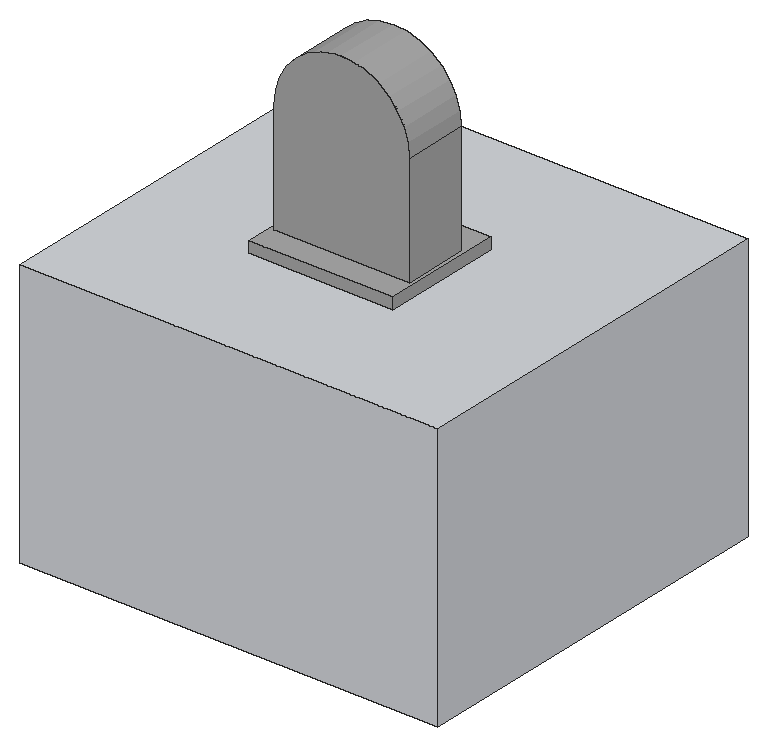
Revit family
Parameters (values of type "Wall Bracket")
  z Snap Location Wall Visible [instance] = and(z Has Wall Mount, Has Snap Locations)  # yes
  z Snap Location Pendant Visible [instance] = and(z Has Pendant Mount, Has Snap Locations)  # no
  z Snap Location Ceiling Visible [instance] = or(and(z Has Ceiling Mount, Has Snap Locations), and(not(z Has Wall Mount), not(z Has Ceiling Mount), not(z Has Pendant Mount)))  # no
  z Has Wall Mount = yes
  z Has Pendant Mount = no
  z Has Ceiling Mount = no
  z Dome Radius = 1.750"
  z Bracket Radius [instance] = 3.500"
  Width = 6.496"
  URL = "http://security.panasonic.com/pss/security/"
  Provide Feedback = "https://www.surveymonkey.com/s/95FL6QY"
  Product Page URL = "http://www.panasonic.com/business/psna/products-surveillance-monitoring/accessories/mounting-brackets/WV-Q118.aspx"
  Product Material [instance] = Paint - Panasonic - Silver
  Product Documentation Link = "http://panasonic.net/pss/security/products/pdf/brackets_PAL.pdf"
  Part Number = Model  # "WV-Q118"
  Part Description = Description  # "Wall Mount Bracket"
  Original Creation Date = "August 13, 2012"
  Model Disclaimer = "Contact Panasonic for more information"  # constant formula
  Model = "WV-Q118"
  Manufacturer = "Panasonic"  # constant formula
  Keynote = ""
  Height = 7.874"
  Has Snap Locations [instance] = yes
  Family Version = "1.0.0"
  Equipment Number [instance] = ""
  Equipment Abbreviation = "SCM"
  Description = "Wall Mount Bracket"
  Depth = 2.913"
  Default Elevation = 0.000"
  Date Last Modified = "August 13, 2012"
  Copyright = "Copyright © Panasonic"  # constant formula
Types (6): name | z Snap Location Wall Visible | z Snap Location Pendant Visible | z Snap Location Ceiling Visible | z Has Wall Mount | z Has Pendant Mount | z Has Ceiling Mount | z Dome Radius | Width | Product Page URL | Part Number | Part Description | Model | Height | Description | Depth
  (no name) | no | no | yes | no | no | no | 2.559" | 3.287" | "http://www.panasonic.com/business/psna/products-surveillance-monitoring/accessories/mounting-brackets/WV-Q169.aspx" | "WV-Q105" | "Embedded Ceiling Mount Bracket" | "WV-Q105" | 1.575" | "Embedded Ceiling Mount Bracket" | 1.811"
  Wall Bracket | yes | no | no | yes | no | no | 1.750" | 6.496" | "http://www.panasonic.com/business/psna/products-surveillance-monitoring/accessories/mounting-brackets/WV-Q118.aspx" | "WV-Q118" | "Wall Mount Bracket" | "WV-Q118" | 7.874" | "Wall Mount Bracket" | 2.913"
  Pendant Bracket | no | yes | no | no | yes | no | 1.750" | 4.173" | "http://www.panasonic.com/business/psna/products-surveillance-monitoring/accessories/mounting-brackets/WV-Q117.aspx" | "WV-Q117" | "Pendant Mount Bracket" | "WV-Q117" | 7.953" | "Pendant Mount Bracket" | 4.173"
  Embedded Ceiling Bracket | no | no | yes | no | no | yes | 2.559" | 9.213" | "https://panasonic.ca/english/broadcast/security/hb/brackets/WVQ106.asp" | "WV-Q106" | "Embedded Ceiling Mount Bracket" | "WV-Q106" | 5.472" | "Embedded Ceiling Mount Bracket" | 9.213"
  Embedded Ceiling Bracket with Fall Prevention Wire | no | no | yes | no | no | yes | 3.042" | 11.299" | "" | "WV-Q116" | "Embedded Ceiling Mount Bracket" | "WV-Q116" | 5.472" | "Embedded Ceiling Mount Bracket" | 11.299"
  Recessed Ceiling Bracket | no | no | yes | no | no | no | 2.559" | 3.287" | "http://www.panasonic.com/business/psna/products-surveillance-monitoring/accessories/mounting-brackets/WV-Q169.aspx" | "WV-Q105" | "Embedded Ceiling Mount Bracket" | "WV-Q105" | 1.575" | "Embedded Ceiling Mount Bracket" | 1.811"
Values of the unnamed type that differ from the named types
  URL = "http://panasonic.net"
Reference planes (in)
  plane 1 "Center (Front/Back)": y = 0
  plane 2: z = 0
  plane 3 "Center (Left/Right)": x = 0
  plane 4: z = 0.5
  plane 5: z = 0.125
  plane 6: x = -3.53083
  plane 7: z = 0
  plane 8: x = -1.75
  plane 9: x = -0.75
  plane 10: x = -1.58
  plane 11: z = 0.32
  plane 12: z = 4.32
  plane 13: z = 3.146
  plane 14: x = -2.08661
  plane 15: z = 3.814
  plane 16: z = -3.63
  plane 17: z = -3.24904
  plane 18: z = -3.12404
  plane 19: z = 5.5
  plane 20: z = 7.75
  plane 21: y = -2.75
  plane 22: y = 2.75
  plane 23: z = 0.5
  plane 24: y = -1.56732
  plane 25: y = 1.33268
  plane 26: x = -3.05
  plane 27: x = 3.05
  plane 28: x = -3.25
  plane 29: x = 3.25
  plane 30: x = -3.1565
  plane 31: x = 3.1565
  plane 32: z = 1.625
  plane 33: y = -3.25
  plane 34: y = -3
  plane 35: x = 2.9065
  plane 36: x = -2.9065
  plane 37: z = 1.13711
  plane 38: x = 3.7815
  plane 39: x = -3.7815
  plane 40: y = 0.375
  plane 41: y = -0.375
Forms (in)
  Extrusion 1, solid
    sketch origin (0, 0, 0) x (1, 0, 0) y (0, 1, 0)
      loop
        line (-9, 9) -> (-9, -8.43138) -> (9.80793, -8.43138) -> (9.80793, 9) -> (-9, 9)
    from 0 to -12
  Revolve 2, solid, material "Paint - Panasonic - Silver" <- "Product Material", visible <- "z Has Ceiling Mount"
    sketch origin (0, 0, 0) x (1, 0, 0) y (0, 0, 1)
      loop
        line (-3.53083, 0.125) -> (-3.53083, 0) -> (-1.75, 0) -> (-1.75, 0.5) -> (-3.53083, 0.125)
      axis (0, 0) -> (0, 0.5)
    angle from 0 to 360
  Revolve 3, solid, material "Paint - Panasonic - Silver" <- "Product Material", visible <- "z Has Pendant Mount"
    sketch origin (0, 0, 0) x (1, 0, 0) y (0, 0, 1)
      loop
        line (-0.75, 3.146) -> (-0.75, -3.63) -> (0, -3.63) -> (0, 3.146) -> (-0.75, 3.146)
      axis (0, 3.146) -> (0, -3.63)
    angle from 0 to 360
  Revolve 4, solid, material "Paint - Panasonic - Silver" <- "Product Material", visible <- "z Has Pendant Mount"
    sketch origin (0, 0, 0) x (1, 0, 0) y (0, 0, 1)
      loop
        line (-2.08661, 4.32) -> (-2.08661, 3.814)
        arc (-2.08661, 3.814) -> (-1.89096, 3.34165) -> (-1.41861, 3.146) r 0.668
        line (-1.41861, 3.146) -> (0, 3.146) -> (0, 4.32) -> (-2.08661, 4.32)
      axis (0, 4.32) -> (0, 3.146)
    angle from 0 to 360
  Revolve 5, solid, material "Paint - Panasonic - Silver" <- "Product Material", visible <- "z Has Pendant Mount"
    sketch origin (0, 0, 0) x (1, 0, 0) y (0, 0, 1)
      loop
        line (-1.58, 0) -> (0, 0) -> (0, 0.32) -> (-1.58, 0.32) -> (-1.58, 0)
      axis (0, 0) -> (0, 0.32)
    angle from 0 to 360
  Revolve 6, solid, material "Paint - Panasonic - Silver" <- "Product Material", visible <- "z Has Pendant Mount"
    sketch origin (0, 0, 0) x (1, 0, 0) y (0, 0, 1)
      loop
        line (-2.08661, -3.12404) -> (-2.08661, -3.24904) -> (0, -3.24904) -> (0, -3.12404) -> (-2.08661, -3.12404)
      axis (0, -3.12404) -> (0, -3.24904)
    angle from 0 to 360
  Extrusion 7, solid, material "Paint - Panasonic - Silver" <- "Product Material", visible <- "z Has Wall Mount"
    sketch origin (0, 0, 0) x (1, 0, 0) y (0, 0, 1)
      loop
        line (-3.05, 5.5) -> (-3.05, 0.5) -> (3.05, 0.5) -> (3.05, 5.5)
        arc (3.05, 5.5) -> (0, 8.55) -> (-3.05, 5.5) r 3.05
    from -1.33268 to 1.56732
  Extrusion 8, solid, material "Paint - Panasonic - Silver" <- "Product Material", visible <- "z Has Wall Mount"
    sketch origin (0, 0, 0) x (1, 0, 0) y (0, 0, 1)
      loop
        line (-3.25, 0.5) -> (-3.25, 0) -> (3.25, 0) -> (3.25, 0.5) -> (-3.25, 0.5)
    from -2.75 to 2.75
Cuts and joins
  joined: Revolve 3, Revolve 4, Revolve 5, Revolve 6
  joined: Extrusion 7, Extrusion 8
Lines and regions (in)
  Masking region 1, visible <- "z Has Ceiling Mount"
    outline origin (0, 0, 0) x (1, 0, 0) y (0, 1, 0)
      loop
        circle (0, 0) r 3.5
  Masking region 2, visible <- "z Has Pendant Mount"
    outline origin (0, 0, 0) x (1, 0, 0) y (0, 1, 0)
      loop
        circle (0, 0) r 2.08661
  Masking region 3, visible <- "z Has Wall Mount"
    outline origin (0, 0, 0) x (1, 0, 0) y (0, 0, 1)
      loop
        line (-3.05, 0) -> (3.05, 0) -> (3.05, 5.5)
        arc (3.05, 5.5) -> (0, 8.55) -> (-3.05, 5.5) r 3.05
        line (-3.05, 5.5) -> (-3.05, 0)
  Masking region 4, visible <- "z Has Ceiling Mount"
    outline origin (0, 0, 0) x (1, 0, 0) y (0, 1, 0)
      loop
        circle (0, 0) r 1.75
  Masking region 5, visible <- "z Has Wall Mount"
    outline origin (0, 0, 0) x (1, 0, 0) y (0, 1, 0)
      loop
        line (-3.05, 1.33268) -> (-3.05, -1.56732) -> (3.05, -1.56732) -> (3.05, 1.33268) -> (-3.05, 1.33268)
  Masking region 6, visible <- "z Has Wall Mount"
    outline origin (0, 0, 0) x (1, 0, 0) y (0, 1, 0)
      loop
        line (-3.25, 2.75) -> (-3.25, -2.75) -> (3.25, -2.75) -> (3.25, 2.75) -> (-3.25, 2.75)
  model lines, style "Snap Locations", visible <- "z Snap Location Wall Visible"
    curve 1: line (0, -1.56732, 6) -> (0, -1.56732, 5)
    curve 2: line (0.5, -1.56732, 5.5) -> (-0.5, -1.56732, 5.5)
  model lines, style "Snap Locations", visible <- "z Snap Location Pendant Visible"
    curve 3: line (0.5, 0, 4.32) -> (-0.5, 0, 4.32)
    curve 4: line (0, -0.5, 4.32) -> (0, 0.5, 4.32)
  model lines, style "Snap Locations", visible <- "z Snap Location Ceiling Visible"
    curve 5: line (0.5, 0, 0) -> (-0.5, 0, 0)
    curve 6: line (0, -0.5, 0) -> (0, 0.5, 0)
Dimensions and locks (in)
  locked: plane 5 to plane 7 at 0.125
  locked: plane 4 to plane 7 at 0.5
  locked: plane 6 to plane 8 at 1.78083
  "z Dome Radius": plane 3 "Center (Left/Right)" to plane 8
  locked: plane 12 to plane 16 at 7.95
  plane 19 to Extrusion 1 = 5.500"
  locked: plane 24 to plane 25 at 2.9
  "z Bracket Radius": radius of Masking region 1 sketch curve
  aligned and locked: plane 2 to Extrusion 1
  aligned and locked: level to Extrusion 1
  aligned and locked: Revolve 3 sketch curve to plane 13
  aligned and locked: plane 3 "Center (Left/Right)" to Revolve 3 sketch curve
  aligned and locked: Revolve 3 sketch curve to plane 9
  aligned and locked: Revolve 4 sketch curve to plane 3 "Center (Left/Right)"
  aligned and locked: Revolve 4 sketch curve to plane 12
  aligned and locked: Revolve 4 sketch curve to plane 14
  aligned and locked: Revolve 4 sketch curve to plane 13
  aligned and locked: plane 10 to Revolve 5 sketch curve
  aligned and locked: plane 11 to Revolve 5 sketch curve
  aligned and locked: Revolve 5 sketch curve to plane 3 "Center (Left/Right)"
  aligned and locked: plane 7 to Revolve 5 sketch curve
  aligned and locked: plane 16 to Revolve 3 sketch curve
  aligned and locked: Revolve 6 sketch curve to plane 18
  aligned and locked: Revolve 6 sketch curve to plane 14
  aligned and locked: plane 17 to Revolve 6 sketch curve
  aligned and locked: Revolve 6 sketch curve to plane 3 "Center (Left/Right)"
  aligned and locked: Extrusion 7 sketch curve to plane 23
  aligned and locked: plane 27 to Extrusion 7 sketch curve
  aligned and locked: plane 26 to Extrusion 7 sketch curve
  aligned and locked: Extrusion 7 to plane 25
  aligned and locked: Extrusion 7 to plane 24
  aligned and locked: Extrusion 8 sketch curve to plane 23
  aligned and locked: plane 28 to Extrusion 8 sketch curve
  aligned and locked: level to Extrusion 8 sketch curve
  aligned and locked: plane 29 to Extrusion 8 sketch curve
  aligned and locked: plane 22 to Extrusion 8
  aligned and locked: plane 21 to Extrusion 8
  aligned and locked: curve 1 to plane 3 "Center (Left/Right)"
  aligned and locked: plane 19 to curve 2
  aligned and locked: curve 3 to plane 1 "Center (Front/Back)"
  aligned and locked: plane 3 "Center (Left/Right)" to curve 4
  aligned and locked: curve 5 to plane 1 "Center (Front/Back)"
  aligned and locked: plane 3 "Center (Left/Right)" to curve 6
  aligned and locked: Masking region 5 sketch curve to cut or joined group of Extrusion 7, Extrusion 8  (x4)
  aligned and locked: Masking region 6 sketch curve to cut or joined group of Extrusion 7, Extrusion 8  (x4)
Automatic sketch dimensions
  Extrusion 1 sketch curve to Extrusion 1 sketch curve = 18.80793"
  Extrusion 1 sketch curve to Extrusion 1 sketch curve = 17.43138"
  Revolve 2 sketch curve to plane 5 = 0.000"
  plane 6 to Revolve 2 sketch curve = 0.000"
  Revolve 2 sketch curve to level = 0.000"
  Revolve 2 sketch curve to plane 8 = 0.000"
  Revolve 2 sketch curve to plane 3 "Center (Left/Right)" = 0.000"
  Revolve 2 sketch curve to plane 4 = 0.000"
  plane 4 to Revolve 2 sketch curve = 0.13987"
  Revolve 2 sketch curve to Revolve 2 sketch curve = 0.17601"
  Revolve 3 sketch curve to plane 3 "Center (Left/Right)" = 0.000"
  plane 13 to Revolve 3 sketch curve = 0.16211"
  Revolve 3 sketch curve to Revolve 3 sketch curve = 0.33789"
  Revolve 4 sketch curve to plane 3 "Center (Left/Right)" = 0.000"
  Revolve 4 sketch curve to Revolve 4 sketch curve = 0.3508"
  Revolve 4 sketch curve to Revolve 4 sketch curve = 0.250"
  Revolve 4 sketch curve to plane 15 = 0.000"
  Revolve 5 sketch curve to plane 3 "Center (Left/Right)" = 0.000"
  plane 4 to Revolve 5 sketch curve = 0.18453"
  Revolve 5 sketch curve to Revolve 5 sketch curve = 0.29859"
  Revolve 6 sketch curve to plane 3 "Center (Left/Right)" = 0.000"
  plane 16 to Revolve 6 sketch curve = 0.23808"
  Revolve 6 sketch curve to Revolve 6 sketch curve = 0.250"
  Extrusion 7 sketch curve to plane 19 = 0.000"
  plane 1 "Center (Front/Back)" to Masking region 2 sketch curve = 0.000"
  Masking region 2 sketch curve to plane 3 "Center (Left/Right)" = 0.000"
  curve 1 to plane 19 = 0.500"
  plane 19 to curve 1 = 0.500"
  curve 2 to plane 9 = 0.250"
  curve 2 to plane 3 "Center (Left/Right)" = 0.500"
  plane 3 "Center (Left/Right)" to curve 3 = 0.500"
  plane 9 to curve 3 = 0.250"
  plane 40 to curve 4 = 0.125"
  plane 41 to curve 4 = 0.125"
  plane 3 "Center (Left/Right)" to curve 5 = 0.500"
  plane 9 to curve 5 = 0.250"
  plane 40 to curve 6 = 0.125"
  plane 41 to curve 6 = 0.125"
  Masking region 3 sketch curve to plane 19 = 0.000"
  plane 26 to Masking region 3 sketch curve = 0.000"
  Masking region 3 sketch curve to plane 3 "Center (Left/Right)" = 0.000"
  Masking region 3 sketch curve to level = 0.000"
  plane 1 "Center (Front/Back)" to Masking region 1 sketch curve = 0.000"
  Masking region 1 sketch curve to plane 3 "Center (Left/Right)" = 0.000"
  plane 1 "Center (Front/Back)" to Masking region 4 sketch curve = 0.000"
  Masking region 4 sketch curve to plane 3 "Center (Left/Right)" = 0.000"
  radius of Masking region 2 sketch curve = 2.08661"
  radius of Masking region 4 sketch curve = 1.750"
